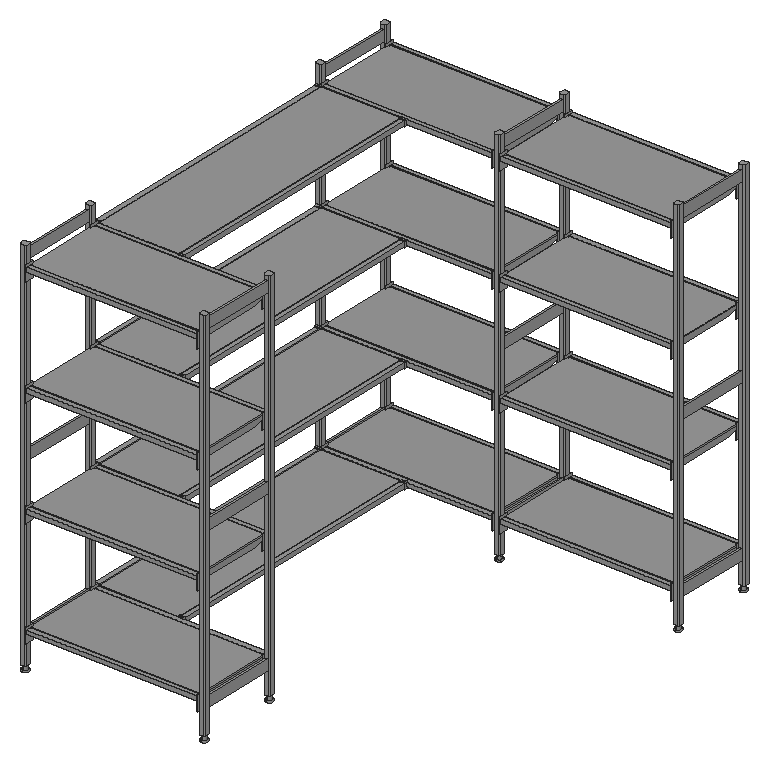
Revit family "QF_ELECTROLUXPROFESSIONAL_137092_CRS1620", category Attrezzature speciali, Revit 2020
Family settings
  Quota connettore circolare = Usa diametro
  Tipo di parte = Normale
  Basato su piano di lavoro = No
  Sempre verticale = Sì
  Taglio con vuoti quando caricato = No
  Condiviso = No
  Punto di calcolo locali = No
Parameters (values of type "Standard")
  Weight = 59.00 kg
  Watts = 0 W
  Volts = 0 V
  URL Manufacturer = "https://www.electroluxprofessional.com/"
  URL = "https://www.electroluxprofessional.com/"
  Steam Supply Size = 0 mm
  Steam Supply Minimum Pressure = 0.0 Pa
  Steam Supply Maximum Pressure = 0.0 Pa
  Steam Consumption per Hour = 0
  Refrigeration Suction Line Size = 0 mm
  Refrigeration Liquid Line Size = 0 mm
  Refrigerant Compressor Remote = yes
  Prospetto di default = 0 mm
  Produttore = "Electrolux Professional"
  Phase = 0
  Modello = "CRS1620"
  Length Actual = 708 mm  # constant formula
  Item Number = "137092"
  Hot Water Size = 0 mm
  Height Actual = 1550 mm  # constant formula
  HP = "0 HP"
  Gas Size = 0 mm
  Gas KW = 0
  Gas Input Pressure = 0 W
  Direct Waste Size = 0 mm
  Descrizione = "ALUM.SHELV.,POLY.TIERS-COLDROOM 163X203"
  Depth Actual = 373 mm  # constant formula
  Cycle = 0 Hz
  Condensate Return Size = 0 mm
  Compressed Air Volume = 0.0 L/s
  Compressed Air Size = 0 mm
  Compressed Air Pressure = 0.0 Pa
  Cold Water Size = 0 mm
  Accessory = yes
Reference planes
  plane 1 "Center (Front/Back)": y = 0
  plane 2: z = 0
  plane 3 "Center (Left/Right)": x = 0
  plane 4: x = -815
  plane 5: y = 1015
  plane 6: y = -1015
  plane 7: x = 815
  plane 8: x = -758
  plane 9: x = 758
  plane 10: y = 953
  plane 11: y = -953
Forms (mm)
  Extrusion 1, solid, material "QF_Clearances", detail levels coarse
    sketch origin (0, 0, 0) x (1, 0, 0) y (0, 1, 0)
      loop
        line (-815, -1015) -> (815, -1015) -> (815, 1015) -> (-815, 1015) -> (-815, -1015)
      loop
        line (758, -953) -> (758, 953) -> (-758, 953) -> (-758, -953) -> (758, -953)
    from 0 to 1590
Lines and regions (mm)
  symbolic lines, style "QF_Clearances"
    curve 1: line (-815, 1015, 0) -> (-815, -1015, 0)
    curve 2: line (815, 1015, 0) -> (-815, 1015, 0)
    curve 3: line (815, -1015, 0) -> (815, 1015, 0)
Dimensions and locks
  equal spacing: plane 5, plane 1 "Center (Front/Back)", plane 6
  plane 5 to plane 6 = 2030 mm
  equal spacing: plane 4, plane 3 "Center (Left/Right)", plane 7
  plane 4 to plane 7 = 1630 mm
  plane 4 to plane 8 = 57 mm
  plane 8 to plane 9 = 1516 mm
  plane 11 to plane 6 = 62 mm
  plane 10 to plane 11 = 1906 mm
  aligned and locked: level to plane 2
  aligned and locked: plane 4 to Extrusion 1 sketch curve
  aligned and locked: Extrusion 1 sketch curve to plane 5
  aligned and locked: Extrusion 1 sketch curve to plane 7
  aligned and locked: Extrusion 1 sketch curve to plane 8
  aligned and locked: plane 10 to Extrusion 1 sketch curve
  aligned and locked: plane 9 to Extrusion 1 sketch curve
  aligned and locked: Extrusion 1 sketch curve to plane 11
  aligned and locked: Extrusion 1 sketch curve to plane 6
Automatic sketch dimensions
  curve 1 to plane 4 = 0 mm
  curve 2 to plane 5 = 0 mm
  curve 2 to plane 7 = 0 mm
  curve 1 to plane 6 = 0 mm
  curve 3 to plane 6 = 0 mm
Nested families
  nested 1: "QF_708" at (-341, -603, 0), type "QF_708"
  nested 2: "QF_708" at (403, 930, 0), type "QF_708"
  nested 3: "QF_708" at (-341, 930, 0), type "QF_708"
  nested 4: "QF_1152G2" at (-527.5, -58.5, 0), type "QF_1152G2"
Definition of nested family "QF_708"
  Parameters
    Default Elevation = 0 mm
    Model = "137010"
    Manufacturer = "Electrolux Professional"
    Description = ""
  Reference planes
    plane 1: z = 0
    plane 2 "Center (Left/Right)": x = -31
    plane 3 "LEFT": x = -417
    plane 4 "RIGHT": x = 355
    plane 5 "BACK": y = 23
    plane 6 "FRONT": y = -350
    plane 7 "TOP": z = 1700
    plane 8: x = 350
    plane 9: x = -385
    plane 10: x = 323
    plane 11 "Center (Front/Back)": y = -163.5
    plane 12: x = 318
    plane 13: y = -8.5
    plane 14: y = -318.5
    plane 15 "FEET": z = 25
    plane 16: z = 140
    plane 17: z = 590
    plane 18: z = 1040
    plane 19: z = 1490
    plane 20 "CXLeft": x = -403
    plane 21 "CXRight": x = 341
    plane 22: y = 5.5
    plane 23 "CYBack": y = 5.5
    plane 24 "CYFront": y = -332.5
  Forms (mm)
    Extrusion 1, solid
      sketch origin (-417, 0, 0) x (0, 1, 0) y (0, 0, 1)
        loop
          line (4, 1515.994) -> (4, 1497.998) -> (23, 1497.998) -> (23, 1515.994) -> (4, 1515.994)
        loop
          line (-331, 1515.994) -> (-350, 1515.994) -> (-350, 1497.998) -> (-331, 1497.998) -> (-331, 1515.994)
        loop
          line (4, 1065.994) -> (4, 1047.998) -> (23, 1047.998) -> (23, 1065.994) -> (4, 1065.994)
        loop
          line (-331, 1065.994) -> (-350, 1065.994) -> (-350, 1047.998) -> (-331, 1047.998) -> (-331, 1065.994)
        loop
          line (4, 615.994) -> (4, 597.998) -> (23, 597.998) -> (23, 615.994) -> (4, 615.994)
        loop
          line (-331, 615.994) -> (-350, 615.994) -> (-350, 597.998) -> (-331, 597.998) -> (-331, 615.994)
        loop
          line (4, 165.994) -> (4, 147.998) -> (23, 147.998) -> (23, 165.994) -> (4, 165.994)
        loop
          line (-331, 165.994) -> (-350, 165.994) -> (-350, 147.998) -> (-331, 147.998) -> (-331, 165.994)
      from 32 to 740
    Extrusion 2, solid
      sketch origin (-417, 0, 135) x (0, 1, 0) y (0, 0, 1)
        loop
          line (2.007, 1380.994) -> (-329, 1380.994) -> (-329, 1374.496) -> (2.007, 1374.496) -> (2.007, 1380.994)
        loop
          line (2.007, 930.994) -> (-329, 930.994) -> (-329, 924.496) -> (2.007, 924.496) -> (2.007, 930.994)
        loop
          line (2.007, 480.994) -> (-329, 480.994) -> (-329, 474.496) -> (2.007, 474.496) -> (2.007, 480.994)
        loop
          line (2.007, 30.994) -> (-329, 30.994) -> (-329, 24.496) -> (2.007, 24.496) -> (2.007, 30.994)
      from 32 to 740
    Extrusion 3, solid
      sketch origin (355, 0, 135) x (0, 1, 0) y (0, 0, 1)
        loop
          line (-12, 1362.998) -> (4, 1362.998) -> (4, 1380.994) -> (2.007, 1380.994) -> (2.007, 1374.496) -> (-329, 1374.496) -> (-329, 1380.994) -> (-331, 1380.994) -> (-331, 1362.998) -> (-315, 1362.998) -> (-281, 1350.994) -> (-46, 1350.994) -> (-12, 1362.998)
        loop
          line (-12, 912.998) -> (4, 912.998) -> (4, 930.994) -> (2.007, 930.994) -> (2.007, 924.496) -> (-329, 924.496) -> (-329, 930.994) -> (-331, 930.994) -> (-331, 912.998) -> (-315, 912.998) -> (-281, 900.994) -> (-46, 900.994) -> (-12, 912.998)
        loop
          line (-12, 462.998) -> (4, 462.998) -> (4, 480.994) -> (2.007, 480.994) -> (2.007, 474.496) -> (-329, 474.496) -> (-329, 480.994) -> (-331, 480.994) -> (-331, 462.998) -> (-315, 462.998) -> (-281, 450.994) -> (-46, 450.994) -> (-12, 462.998)
        loop
          line (-12, 12.998) -> (4, 12.998) -> (4, 30.994) -> (2.007, 30.994) -> (2.007, 24.496) -> (-329, 24.496) -> (-329, 30.994) -> (-331, 30.994) -> (-331, 12.998) -> (-315, 12.998) -> (-281, 0.994) -> (-46, 0.994) -> (-12, 12.998)
      from -32 to -37
  Lines and regions (mm)
    symbolic lines
      curve 1: line (323, 4, 1700) -> (-385, 4, 1700)
      curve 2: line (-389, 23, 1700) -> (327, 23, 1700)
      curve 3: line (327, 13.246, 1700) -> (333.254, 19.5, 1700)
      curve 4: line (333.254, -8.5, 1700) -> (327, -2.246, 1700)
      curve 5: line (333.254, -318.5, 1700) -> (327, -324.754, 1700)
      curve 6: line (-389, -350, 1700) -> (327, -350, 1700)
      curve 7: line (327, 23, 1700) -> (327, -12.993, 1700)
      curve 8: line (327, -12.993, 1700) -> (323, -12.993, 1700)
      curve 9: line (327, -350, 1700) -> (327, -314.007, 1700)
      curve 10: line (327, -314.007, 1700) -> (323, -314.007, 1700)
      curve 11: line (-385, -12.993, 1700) -> (-385, -314.007, 1700)
      curve 12: line (-385, -331, 1700) -> (323, -331, 1700)
      curve 13: line (323, -12.993, 1700) -> (323, -314.007, 1700)
  Dimensions and locks
    locked: plane 3 "LEFT" to plane 4 "RIGHT" at 772
    equal spacing: plane 3 "LEFT", plane 2 "Center (Left/Right)", plane 4 "RIGHT"
    locked: plane 7 "TOP" to level at 1700
    locked: plane 5 "BACK" to plane 6 "FRONT" at 373
    locked: plane 4 "RIGHT" to plane 8 at 5
    locked: plane 9 to plane 10 at 708
    locked: plane 3 "LEFT" to plane 9 at 32
    plane 12 to plane 10 = 5 mm
    locked: plane 13 to plane 14 at 310
    equal spacing: plane 13, plane 11 "Center (Front/Back)", plane 14
    equal spacing: plane 5 "BACK", plane 11 "Center (Front/Back)", plane 6 "FRONT"
    plane 15 "FEET" to level = 25 mm
    plane 7 "TOP" to plane 15 "FEET" = 1675 mm
    plane 17 to plane 16 = 450 mm
    plane 18 to plane 17 = 450 mm
    plane 19 to plane 18 = 450 mm
    locked: plane 3 "LEFT" to plane 20 "CXLeft" at 14
    locked: plane 21 "CXRight" to plane 4 "RIGHT" at 14
    locked: plane 5 "BACK" to plane 23 "CYBack" at 17.5
    locked: plane 24 "CYFront" to plane 6 "FRONT" at 17.5
    plane 16 to level = 140 mm
    plane 17 to level = 590 mm
    plane 18 to level = 1040 mm
    plane 19 to level = 1490 mm
    aligned and locked: level to plane 1
    aligned and locked: plane 9 to Extrusion 2
    aligned and locked: Extrusion 2 to plane 10
    aligned and locked: plane 9 to Extrusion 1
    aligned and locked: Extrusion 1 to plane 10
    aligned and locked: Extrusion 1 sketch curve to Extrusion 1 sketch curve  (x2)
    aligned and locked: Extrusion 3 sketch curve to Extrusion 3 sketch curve  (x3)
    aligned and locked: Extrusion 3 to plane 12
    aligned and locked: Extrusion 3 to plane 10
    aligned and locked: plane 20 "CXLeft" to nested 1
    aligned and locked: plane 21 "CXRight" to nested 2
  Automatic sketch dimensions
    Extrusion 1 sketch curve to plane 6 "FRONT" = 0 mm  (x4)
    Extrusion 1 sketch curve to plane 5 "BACK" = 0 mm  (x4)
    plane 24 "CYFront" to Extrusion 1 sketch curve = 1.5 mm  (x2)
    plane 22 to Extrusion 1 sketch curve = 1.5 mm  (x4)
    plane 16 to Extrusion 1 sketch curve = 7.998 mm  (x2)
    Extrusion 1 sketch curve to Extrusion 1 sketch curve = 17.997 mm  (x8)
    plane 17 to Extrusion 1 sketch curve = 7.998 mm  (x2)
    plane 18 to Extrusion 1 sketch curve = 7.998 mm  (x2)
    plane 19 to Extrusion 1 sketch curve = 7.998 mm  (x2)
    plane 24 "CYFront" to Extrusion 2 sketch curve = 3.5 mm  (x4)
    plane 22 to Extrusion 2 sketch curve = 3.493 mm  (x4)
    plane 16 to Extrusion 2 sketch curve = 19.496 mm
    Extrusion 2 sketch curve to Extrusion 2 sketch curve = 6.499 mm  (x4)
    plane 17 to Extrusion 2 sketch curve = 19.496 mm
    plane 18 to Extrusion 2 sketch curve = 19.496 mm
    plane 19 to Extrusion 2 sketch curve = 19.496 mm
    plane 24 "CYFront" to Extrusion 3 sketch curve = 1.5 mm  (x4)
    Extrusion 3 sketch curve to Extrusion 3 sketch curve = 2 mm
    plane 14 to Extrusion 3 sketch curve = 3.5 mm  (x4)
    Extrusion 3 sketch curve to plane 16 = 4.006 mm
    Extrusion 3 sketch curve to Extrusion 3 sketch curve = 34 mm  (x4)
    Extrusion 3 sketch curve to plane 17 = 4.006 mm
    Extrusion 3 sketch curve to plane 18 = 4.006 mm
    Extrusion 3 sketch curve to plane 19 = 4.006 mm
    Extrusion 3 sketch curve to plane 13 = 37.5 mm  (x4)
    Extrusion 3 sketch curve to plane 13 = 3.5 mm  (x4)
    plane 22 to Extrusion 3 sketch curve = 3.493 mm  (x4)
    plane 22 to Extrusion 3 sketch curve = 1.5 mm  (x4)
    plane 16 to Extrusion 3 sketch curve = 7.998 mm  (x2)
    Extrusion 3 sketch curve to Extrusion 3 sketch curve = 11.498 mm  (x4)
    Extrusion 3 sketch curve to Extrusion 3 sketch curve = 6.499 mm  (x8)
    plane 17 to Extrusion 3 sketch curve = 7.998 mm  (x2)
    plane 18 to Extrusion 3 sketch curve = 7.998 mm  (x2)
    plane 19 to Extrusion 3 sketch curve = 7.998 mm  (x2)
    curve 6 to plane 6 "FRONT" = 0 mm
    curve 12 to plane 9 = 0 mm
    curve 12 to plane 10 = 0 mm
    curve 5 to plane 14 = 0 mm
    curve 11 to plane 9 = 0 mm
    curve 8 to plane 10 = 0 mm
    curve 4 to plane 13 = 0 mm
    curve 1 to plane 9 = 0 mm
    curve 1 to plane 10 = 0 mm
    curve 2 to plane 5 "BACK" = 0 mm
    plane 14 to curve 10 = 4.493 mm
    curve 7 to plane 13 = 4.493 mm
    curve 10 to plane 10 = 4 mm
    curve 7 to plane 10 = 4 mm
    plane 24 "CYFront" to curve 12 = 1.5 mm
    curve 5 to plane 14 = 6.254 mm
    plane 14 to curve 11 = 4.493 mm
    curve 11 to plane 13 = 4.493 mm
    plane 13 to curve 4 = 6.254 mm
    plane 22 to curve 1 = 1.5 mm
    curve 3 to plane 22 = 7.746 mm
    curve 3 to plane 5 "BACK" = 3.5 mm
    curve 5 to curve 9 = 6.254 mm
    curve 3 to curve 2 = 6.254 mm
    curve 4 to curve 7 = 6.254 mm
    plane 9 to curve 2 = 4 mm
    plane 9 to curve 6 = 4 mm
  Nested families
    nested 1: "WT_Anta373B" at (0, 0, 0), type "WT_Anta373B"
    nested 2: "WT_Anta373B" at (-62, 0, 0) x (-1, 0, 0) z (0, 0, 1), type "WT_Anta373B"
  Definition of nested family "WT_Anta373B"
    Parameters
      WidthLeft = A + 64 mm  # 772 mm
      Width = 1606 mm
      Right = WidthLeft / 2  # 386 mm
      Default Elevation = 0 mm
      Left = -WidthLeft / 2  # -386 mm
      Height = 1590 mm
      FEET = 25 mm
      E = 0 mm
      Dint = Depth - 63 mm  # 310 mm
      Dext = Depth - 8 mm  # 365 mm
      Depth = 373 mm
      DX = (WidthLeft - A) / 2  # 32 mm
      B = 798 mm
      A = 708 mm
    Reference planes
      plane 1: z = 0
      plane 2 "LEFT": x = -417
      plane 3 "BACK": y = 23
      plane 4 "FRONT": y = -350
      plane 5 "TOP": z = 1590
      plane 6 "Center (Front/Back)": y = -163.5
      plane 7: y = -8.5
      plane 8: y = -318.5
      plane 9 "FEET": z = 25
      plane 10: z = 140
      plane 11: z = 590
      plane 12: z = 1040
      plane 13: z = 1490
      plane 14 "CXLeft": x = -403
      plane 15: y = 5.5
      plane 16 "CYBack": y = 5.5
      plane 17 "CYFront": y = -332.5
      plane 18: x = -385.031
      plane 19: x = -380.031
    Forms (mm)
      Extrusion 1, solid
        sketch origin (0, 0, 0) x (1, 0, 0) y (0, 1, 0)
          loop
            line (-417, 13.246) -> (-417, -2.246) -> (-410.746, -8.5) -> (-395.254, -8.5) -> (-389, -2.246) -> (-389, 13.246) -> (-395.254, 19.5) -> (-410.746, 19.5) -> (-417, 13.246)
        from 1590 to 25
      Extrusion 2, solid
        sketch origin (-417, 0, 0) x (0, 1, 0) y (0, 0, 1)
          loop
            line (23, 111.005) -> (23, 172.993) -> (-12.993, 172.993) -> (-12.993, 111.005) -> (23, 111.005)
          loop
            line (-350, 111.005) -> (-314.007, 111.005) -> (-314.007, 172.993) -> (-350, 172.993) -> (-350, 111.005)
          loop
            line (23, 561.005) -> (23, 622.993) -> (-12.993, 622.993) -> (-12.993, 561.005) -> (23, 561.005)
          loop
            line (-350, 561.005) -> (-314.007, 561.005) -> (-314.007, 622.993) -> (-350, 622.993) -> (-350, 561.005)
          loop
            line (23, 1011.005) -> (23, 1072.993) -> (-12.993, 1072.993) -> (-12.993, 1011.005) -> (23, 1011.005)
          loop
            line (-350, 1011.005) -> (-314.007, 1011.005) -> (-314.007, 1072.993) -> (-350, 1072.993) -> (-350, 1011.005)
          loop
            line (23, 1461.005) -> (23, 1522.993) -> (-12.993, 1522.993) -> (-12.993, 1461.005) -> (23, 1461.005)
          loop
            line (-350, 1461.005) -> (-314.007, 1461.005) -> (-314.007, 1522.993) -> (-350, 1522.993) -> (-350, 1461.005)
        from 28 to 32
      Revolve 3, solid
        sketch origin (-403, 0, 0) x (0, 1, 0) y (0, 0, 1)
          loop
            line (5.5, 25) -> (5.5, 0) -> (19, 0) -> (19, 5) -> (14, 5) -> (14, 25) -> (5.5, 25)
          axis (5.5, 25) -> (5.5, 0)
        angle from 0 to 360
      Extrusion 4, solid
        sketch origin (-403, 0, 0) x (0, 1, 0) y (0, 0, 1)
          loop
            line (-8.5, 777.382) -> (-8.5, 822.374) -> (-318.5, 822.374) -> (-318.5, 777.382) -> (-8.5, 777.382)
          loop
            line (-8.5, 1527.244) -> (-8.5, 1572.236) -> (-318.5, 1572.236) -> (-318.5, 1527.244) -> (-8.5, 1527.244)
        from -5 to 5
      Revolve 5, solid
        sketch origin (-403, -627, 0) x (0, -1, 0) y (0, 0, 1)
          loop
            line (-294.5, 25) -> (-294.5, 0) -> (-281, 0) -> (-281, 5) -> (-286, 5) -> (-286, 25) -> (-294.5, 25)
          axis (-294.5, 25) -> (-294.5, 0)
        angle from 0 to 360
      Extrusion 6, solid
        sketch origin (0, -627, 0) x (1, 0, 0) y (0, 1, 0)
          loop
            line (-417, 286.754) -> (-410.746, 280.5) -> (-395.254, 280.5) -> (-389, 286.754) -> (-389, 302.246) -> (-395.254, 308.5) -> (-410.746, 308.5) -> (-417, 302.246) -> (-417, 286.754)
        from 1590 to 25
      Extrusion 7, solid
        sketch origin (-417.031, -0.022, 0) x (0, 1, 0) y (0, 0, -1)
          loop
            line (-12, -1497.998) -> (-46, -1485.994) -> (-281, -1485.994) -> (-315, -1497.998) -> (-331, -1497.998) -> (-331, -1515.994) -> (-329, -1515.994) -> (-329, -1509.496) -> (2.007, -1509.496) -> (2.007, -1515.994) -> (4, -1515.994) -> (4, -1497.998) -> (-12, -1497.998)
          loop
            line (-12, -1047.998) -> (-46, -1035.994) -> (-281, -1035.994) -> (-315, -1047.998) -> (-331, -1047.998) -> (-331, -1065.994) -> (-329, -1065.994) -> (-329, -1059.496) -> (2.007, -1059.496) -> (2.007, -1065.994) -> (4, -1065.994) -> (4, -1047.998) -> (-12, -1047.998)
          loop
            line (-12, -597.998) -> (-46, -585.994) -> (-281, -585.994) -> (-315, -597.998) -> (-331, -597.998) -> (-331, -615.994) -> (-329, -615.994) -> (-329, -609.496) -> (2.007, -609.496) -> (2.007, -615.994) -> (4, -615.994) -> (4, -597.998) -> (-12, -597.998)
          loop
            line (-12, -147.998) -> (-46, -135.994) -> (-281, -135.994) -> (-315, -147.998) -> (-331, -147.998) -> (-331, -165.994) -> (-329, -165.994) -> (-329, -159.496) -> (2.007, -159.496) -> (2.007, -165.994) -> (4, -165.994) -> (4, -147.998) -> (-12, -147.998)
        from -32 to -37
      Extrusion 8, solid
        sketch origin (-403, 0, -659.878) x (0, 1, 0) y (0, 0, 1)
          loop
            line (-8.5, 777.382) -> (-8.5, 822.374) -> (-318.5, 822.374) -> (-318.5, 777.382) -> (-8.5, 777.382)
          loop
            line (-8.5, 1437.382) -> (-8.5, 1482.374) -> (-318.5, 1482.374) -> (-318.5, 1437.382) -> (-8.5, 1437.382)
          loop
            line (-8.5, 2187.382) -> (-8.5, 2232.374) -> (-318.5, 2232.374) -> (-318.5, 2187.382) -> (-8.5, 2187.382)
        from -5 to 5
    Lines and regions (mm)
      symbolic lines
        curve 1: line (-408, -8.5, 1590) -> (-408, -318.5, 1590)
        curve 2: line (-398, -318.5, 1590) -> (-398, -8.5, 1590)
        curve 3: line (-395.254, -8.5, 1590) -> (-410.746, -8.5, 1590)
        curve 4: line (-417, -2.246, 1590) -> (-410.746, -8.5, 1590)
        curve 5: line (-417, 13.246, 1590) -> (-417, -2.246, 1590)
        curve 6: line (-410.746, 19.5, 1590) -> (-417, 13.246, 1590)
        curve 7: line (-395.254, 19.5, 1590) -> (-410.746, 19.5, 1590)
        curve 8: line (-389, 13.246, 1590) -> (-395.254, 19.5, 1590)
        curve 9: line (-395.254, -8.5, 1590) -> (-389, -2.246, 1590)
        curve 10: line (-395.254, -318.5, 1590) -> (-410.746, -318.5, 1590)
        curve 11: line (-417, -324.754, 1590) -> (-410.746, -318.5, 1590)
        curve 12: line (-410.746, -346.5, 1590) -> (-417, -340.246, 1590)
        curve 13: line (-395.254, -346.5, 1590) -> (-410.746, -346.5, 1590)
        curve 14: line (-389, -340.246, 1590) -> (-395.254, -346.5, 1590)
        curve 15: line (-395.254, -318.5, 1590) -> (-389, -324.754, 1590)
        curve 16: line (-389, -350, 1590) -> (-389, -314.007, 1590)
        curve 17: line (-389, -314.007, 1590) -> (-385, -314.007, 1590)
        curve 18: line (-389, 23, 1590) -> (-389, -12.993, 1590)
        curve 19: line (-389, -12.993, 1590) -> (-385, -12.993, 1590)
        curve 20: line (-417, -324.754, 1590) -> (-417, -340.246, 1590)
        curve 21: line (-385, -350, 1590) -> (-385, -314.007, 1590)
        curve 22: line (-385, -350, 1590) -> (-389, -350, 1590)
        curve 23: line (-385, 23, 1590) -> (-389, 23, 1590)
        curve 24: line (-385, -12.993, 1590) -> (-385, 23, 1590)
        curve 25: line (-385.031, -13.016, 1725) -> (-385.031, -314.029, 1725)
    Dimensions and locks
      "Depth": plane 3 "BACK" to plane 4 "FRONT"
      "Dint": plane 7 to plane 8
      equal spacing: plane 7, plane 6 "Center (Front/Back)", plane 8
      equal spacing: plane 3 "BACK", plane 6 "Center (Front/Back)", plane 4 "FRONT"
      plane 9 "FEET" to level = 25 mm
      plane 10 to plane 9 "FEET" = 115 mm
      plane 11 to plane 10 = 450 mm
      plane 12 to plane 11 = 450 mm
      plane 13 to plane 12 = 450 mm
      locked: plane 2 "LEFT" to plane 14 "CXLeft" at 14
      locked: plane 3 "BACK" to plane 16 "CYBack" at 17.5
      locked: plane 17 "CYFront" to plane 4 "FRONT" at 17.5
      locked: Revolve 3 sketch curve to Revolve 3 sketch curve at 8.5
      locked: Revolve 3 sketch curve to plane 16 "CYBack" at 13.5
      locked: Revolve 5 sketch curve to Revolve 5 sketch curve at 8.5
      plane 10 to level = 140 mm
      plane 11 to level = 590 mm
      plane 12 to level = 1040 mm
      plane 13 to level = 1490 mm
      "Height": plane 5 "TOP" to level
      aligned and locked: level to plane 1
      aligned and locked: curve 20 to Extrusion 6
      aligned and locked: plane 5 "TOP" to Extrusion 1
      aligned and locked: plane 5 "TOP" to Extrusion 6
      aligned and locked: Extrusion 7 sketch curve to Extrusion 7 sketch curve  (x3)
    Automatic sketch dimensions
      curve 16 to plane 4 "FRONT" = 0 mm
      curve 11 to plane 8 = 0 mm
      curve 9 to plane 7 = 0 mm
      curve 5 to plane 2 "LEFT" = 0 mm
      curve 23 to plane 3 "BACK" = 0 mm
      plane 4 "FRONT" to curve 13 = 3.5 mm
      curve 20 to plane 17 "CYFront" = 7.746 mm
      curve 20 to plane 8 = 6.254 mm
      plane 8 to curve 16 = 4.493 mm
      curve 24 to plane 18 = 0.031 mm
      curve 24 to plane 7 = 4.493 mm
      plane 7 to curve 5 = 6.254 mm
      curve 5 to plane 15 = 7.746 mm
      curve 6 to plane 3 "BACK" = 3.5 mm
      curve 21 to plane 18 = 0.031 mm
      plane 18 to curve 23 = 3.969 mm
      plane 18 to curve 16 = 3.969 mm
      curve 18 to curve 8 = 6.254 mm
      curve 18 to curve 3 = 6.254 mm
      curve 16 to curve 13 = 6.254 mm
      curve 16 to curve 15 = 6.254 mm
      plane 2 "LEFT" to curve 10 = 6.254 mm
      plane 2 "LEFT" to curve 7 = 6.254 mm
      plane 2 "LEFT" to curve 12 = 6.254 mm
      plane 2 "LEFT" to curve 3 = 6.254 mm
      curve 14 to plane 17 "CYFront" = 7.746 mm
      curve 15 to plane 8 = 6.254 mm
      plane 7 to curve 9 = 6.254 mm
      curve 8 to plane 15 = 7.746 mm
      curve 3 to curve 2 = 2.746 mm
      curve 1 to curve 10 = 2.746 mm
      Extrusion 1 sketch curve to plane 2 "LEFT" = 0 mm
      Extrusion 1 sketch curve to plane 7 = 0 mm
      plane 2 "LEFT" to Extrusion 1 sketch curve = 6.254 mm  (x2)
      plane 14 "CXLeft" to Extrusion 1 sketch curve = 7.746 mm  (x2)
      Extrusion 1 sketch curve to plane 3 "BACK" = 3.5 mm
      plane 18 to Extrusion 1 sketch curve = 3.969 mm
      plane 7 to Extrusion 1 sketch curve = 6.254 mm  (x2)
      Extrusion 1 sketch curve to plane 15 = 7.746 mm  (x2)
      Extrusion 2 sketch curve to plane 4 "FRONT" = 0 mm  (x4)
      Extrusion 2 sketch curve to plane 3 "BACK" = 0 mm  (x4)
      plane 8 to Extrusion 2 sketch curve = 4.493 mm  (x4)
      Extrusion 2 sketch curve to plane 7 = 4.493 mm  (x4)
      Extrusion 2 sketch curve to plane 10 = 28.995 mm  (x2)
      plane 10 to Extrusion 2 sketch curve = 32.993 mm  (x2)
      Extrusion 2 sketch curve to plane 11 = 28.995 mm  (x2)
      plane 11 to Extrusion 2 sketch curve = 32.993 mm  (x2)
      Extrusion 2 sketch curve to plane 12 = 28.995 mm  (x2)
      plane 12 to Extrusion 2 sketch curve = 32.993 mm  (x2)
      Extrusion 2 sketch curve to plane 13 = 28.995 mm  (x2)
      plane 13 to Extrusion 2 sketch curve = 32.993 mm  (x2)
      Revolve 3 sketch curve to plane 9 "FEET" = 0 mm  (x2)
      Revolve 3 sketch curve to plane 15 = 0 mm  (x2)
      Revolve 3 sketch curve to level = 0 mm
      level to Revolve 3 sketch curve = 5 mm
      Revolve 3 sketch curve to Revolve 3 sketch curve = 11.655 mm
      Extrusion 4 sketch curve to plane 8 = 0 mm  (x2)
      Extrusion 4 sketch curve to plane 7 = 0 mm  (x2)
      plane 11 to Extrusion 4 sketch curve = 187.382 mm
      Extrusion 4 sketch curve to Extrusion 4 sketch curve = 44.992 mm
      plane 13 to Extrusion 4 sketch curve = 37.244 mm
      Extrusion 4 sketch curve to plane 5 "TOP" = 17.764 mm
      Revolve 5 sketch curve to plane 9 "FEET" = 0 mm  (x2)
      Revolve 5 sketch curve to plane 17 "CYFront" = 0 mm  (x2)
      Revolve 5 sketch curve to level = 0 mm
      Revolve 5 sketch curve to plane 4 "FRONT" = 4 mm
      Revolve 5 sketch curve to Revolve 5 sketch curve = 5 mm
      level to Revolve 5 sketch curve = 11.655 mm
      Extrusion 6 sketch curve to plane 2 "LEFT" = 0 mm
      Extrusion 6 sketch curve to plane 8 = 0 mm
      Extrusion 6 sketch curve to plane 2 "LEFT" = 6.254 mm  (x2)
      Extrusion 6 sketch curve to plane 14 "CXLeft" = 7.746 mm  (x2)
      Extrusion 6 sketch curve to plane 4 "FRONT" = 3.5 mm
      Extrusion 6 sketch curve to plane 18 = 3.969 mm
      plane 8 to Extrusion 6 sketch curve = 6.254 mm  (x2)
      plane 17 "CYFront" to Extrusion 6 sketch curve = 7.746 mm  (x2)
      plane 17 "CYFront" to Extrusion 7 sketch curve = 1.478 mm  (x4)
      Extrusion 7 sketch curve to Extrusion 7 sketch curve = 2 mm
      plane 8 to Extrusion 7 sketch curve = 3.478 mm  (x4)
      Extrusion 7 sketch curve to plane 10 = 4.006 mm
      Extrusion 7 sketch curve to Extrusion 7 sketch curve = 34 mm  (x4)
      Extrusion 7 sketch curve to plane 11 = 4.006 mm
      Extrusion 7 sketch curve to plane 12 = 4.006 mm
      Extrusion 7 sketch curve to plane 13 = 4.006 mm
      Extrusion 7 sketch curve to plane 7 = 37.522 mm  (x4)
      Extrusion 7 sketch curve to plane 7 = 3.522 mm  (x4)
      plane 15 to Extrusion 7 sketch curve = 3.516 mm  (x4)
      plane 15 to Extrusion 7 sketch curve = 1.522 mm  (x4)
      plane 13 to Extrusion 7 sketch curve = 7.998 mm  (x2)
      Extrusion 7 sketch curve to Extrusion 7 sketch curve = 11.498 mm
      Extrusion 7 sketch curve to Extrusion 7 sketch curve = 6.499 mm  (x5)
      plane 12 to Extrusion 7 sketch curve = 25.994 mm  (x2)
      plane 12 to Extrusion 7 sketch curve = 7.998 mm  (x2)
      plane 11 to Extrusion 7 sketch curve = 25.994 mm  (x2)
      plane 11 to Extrusion 7 sketch curve = 7.998 mm  (x2)
      plane 10 to Extrusion 7 sketch curve = 25.994 mm  (x2)
      plane 10 to Extrusion 7 sketch curve = 7.998 mm  (x2)
      curve 25 to plane 18 = 0 mm
      plane 8 to curve 25 = 4.471 mm
      curve 25 to plane 7 = 4.516 mm
      Extrusion 8 sketch curve to plane 8 = 0 mm  (x3)
      Extrusion 8 sketch curve to plane 7 = 0 mm  (x3)
      Extrusion 8 sketch curve to plane 10 = 22.496 mm
      plane 10 to Extrusion 8 sketch curve = 22.496 mm
      plane 11 to Extrusion 8 sketch curve = 187.504 mm
      Extrusion 8 sketch curve to Extrusion 8 sketch curve = 44.992 mm
      plane 13 to Extrusion 8 sketch curve = 37.504 mm
      Extrusion 8 sketch curve to plane 5 "TOP" = 17.504 mm
Definition of nested family "QF_1152G2"
  Parameters
    Default Elevation = 0 mm
    Model = "137035"
    Manufacturer = "Electrolux Professional"
    Description = ""
  Reference planes
    plane 1: z = 0
    plane 2 "Center (F/B)": y = -163.5
    plane 3 "Front": y = -549.5
    plane 4 "Left": x = -217.5
    plane 5 "Right": x = 155.5
    plane 6 "TOP": z = 1700
    plane 7: y = -517.5
    plane 8: y = 634.5
    plane 9 "Center (Left/Right)": x = -31
    plane 10: y = 629.5
    plane 11: x = -186
    plane 12: x = 124
    plane 13 "FEET": z = 25
    plane 14: z = 140
    plane 15: z = 590
    plane 16: z = 1040
    plane 17: z = 1490
    plane 18 "CXLeft": y = -535.5
    plane 19: x = -200
    plane 20 "CYBack": x = -200
    plane 21 "CYFront": x = 138
    plane 22 "Back": y = 638.5
    plane 23 "LEFT_ORIGIN": x = -251.5
    plane 24 "BACK_Origin": y = 1011.5
  Forms (mm)
    Extrusion 1, solid
      sketch origin (0, -549.5, 0) x (-1, 0, 0) y (0, 0, 1)
        loop
          line (198.5, 1515.994) -> (198.5, 1497.998) -> (217.5, 1497.998) -> (217.5, 1515.994) -> (198.5, 1515.994)
        loop
          line (-136.5, 1515.994) -> (-155.5, 1515.994) -> (-155.5, 1497.998) -> (-136.5, 1497.998) -> (-136.5, 1515.994)
        loop
          line (198.5, 1065.994) -> (198.5, 1047.998) -> (217.5, 1047.998) -> (217.5, 1065.994) -> (198.5, 1065.994)
        loop
          line (-136.5, 1065.994) -> (-155.5, 1065.994) -> (-155.5, 1047.998) -> (-136.5, 1047.998) -> (-136.5, 1065.994)
        loop
          line (198.5, 615.994) -> (198.5, 597.998) -> (217.5, 597.998) -> (217.5, 615.994) -> (198.5, 615.994)
        loop
          line (-136.5, 615.994) -> (-155.5, 615.994) -> (-155.5, 597.998) -> (-136.5, 597.998) -> (-136.5, 615.994)
        loop
          line (198.5, 165.994) -> (198.5, 147.998) -> (217.5, 147.998) -> (217.5, 165.994) -> (198.5, 165.994)
        loop
          line (-136.5, 165.994) -> (-155.5, 165.994) -> (-155.5, 147.998) -> (-136.5, 147.998) -> (-136.5, 165.994)
      from 32 to 1184
    Extrusion 2, solid
      sketch origin (0, -549.5, 0) x (-1, 0, 0) y (0, 0, 1)
        loop
          line (196.507, 1515.994) -> (-134.5, 1515.994) -> (-134.5, 1509.496) -> (196.507, 1509.496) -> (196.507, 1515.994)
        loop
          line (196.507, 1065.994) -> (-134.5, 1065.994) -> (-134.5, 1059.496) -> (196.507, 1059.496) -> (196.507, 1065.994)
        loop
          line (196.507, 615.994) -> (-134.5, 615.994) -> (-134.5, 609.496) -> (196.507, 609.496) -> (196.507, 615.994)
        loop
          line (196.507, 165.994) -> (-134.5, 165.994) -> (-134.5, 159.496) -> (196.507, 159.496) -> (196.507, 165.994)
      from 32 to 1184
  Lines and regions (mm)
    symbolic lines
      curve 1: line (-198.5, 634.5, 1700) -> (-198.5, -517.5, 1700)
      curve 2: line (-217.5, -521.5, 1700) -> (-217.5, 634.5, 1700)
      curve 3: line (155.5, -521.5, 1700) -> (155.5, 634.5, 1700)
      curve 4: line (-181.507, -517.5, 1700) -> (119.507, -517.5, 1700)
      curve 5: line (136.5, -517.5, 1700) -> (136.5, 634.5, 1700)
      curve 6: line (-198.5, 634.5, 1700) -> (136.5, 634.5, 1700)
  Dimensions and locks
    plane 3 "Front" to plane 2 "Center (F/B)" = 386 mm
    locked: plane 4 "Left" to plane 5 "Right" at 373
    locked: plane 7 to plane 8 at 1152
    locked: plane 3 "Front" to plane 7 at 32
    plane 10 to plane 8 = 5 mm
    locked: plane 11 to plane 12 at 310
    equal spacing: plane 11, plane 9 "Center (Left/Right)", plane 12
    equal spacing: plane 4 "Left", plane 9 "Center (Left/Right)", plane 5 "Right"
    locked: plane 3 "Front" to plane 18 "CXLeft" at 14
    locked: plane 3 "Front" to plane 22 "Back" at 1188
    plane 23 "LEFT_ORIGIN" to plane 5 "Right" = 407 mm
    locked: plane 22 "Back" to plane 24 "BACK_Origin" at 373
    plane 14 to level = 140 mm
    plane 15 to level = 590 mm
    plane 16 to level = 1040 mm
    locked: plane 6 "TOP" to level at 1700
    plane 17 to level = 1490 mm
    plane 13 "FEET" to level = 25 mm
    aligned and locked: level to plane 1
    aligned and locked: Extrusion 2 to plane 7
    aligned and locked: plane 8 to Extrusion 2
    aligned and locked: Extrusion 1 to plane 7
    aligned and locked: plane 8 to Extrusion 1
    aligned and locked: Extrusion 1 sketch curve to Extrusion 1 sketch curve  (x2)
    aligned and locked: nested 1 to plane 10
  Automatic sketch dimensions
    curve 2 to plane 4 "Left" = 0 mm
    curve 3 to plane 5 "Right" = 0 mm
    plane 7 to curve 1 = 0 mm
    plane 7 to curve 4 = 0 mm
    plane 7 to curve 5 = 0 mm
    plane 8 to curve 2 = 0 mm
    plane 8 to curve 1 = 0 mm
    plane 8 to curve 3 = 0 mm
    plane 21 "CYFront" to curve 5 = 1.5 mm
    plane 19 to curve 6 = 1.5 mm
    plane 7 to curve 3 = 4 mm
    plane 7 to curve 2 = 4 mm
    plane 12 to curve 4 = 4.493 mm
    curve 4 to plane 11 = 4.493 mm
    plane 5 "Right" to Extrusion 1 sketch curve = 0 mm  (x4)
    plane 4 "Left" to Extrusion 1 sketch curve = 0 mm  (x4)
    plane 21 "CYFront" to Extrusion 1 sketch curve = 1.5 mm  (x2)
    plane 19 to Extrusion 1 sketch curve = 1.5 mm  (x4)
    plane 14 to Extrusion 1 sketch curve = 7.998 mm  (x2)
    Extrusion 1 sketch curve to Extrusion 1 sketch curve = 17.997 mm  (x8)
    plane 15 to Extrusion 1 sketch curve = 7.998 mm  (x2)
    plane 16 to Extrusion 1 sketch curve = 7.998 mm  (x2)
    plane 17 to Extrusion 1 sketch curve = 7.998 mm  (x2)
    plane 21 "CYFront" to Extrusion 2 sketch curve = 3.5 mm  (x4)
    plane 19 to Extrusion 2 sketch curve = 3.493 mm  (x4)
    plane 14 to Extrusion 2 sketch curve = 19.496 mm
    Extrusion 2 sketch curve to Extrusion 2 sketch curve = 6.499 mm  (x4)
    plane 15 to Extrusion 2 sketch curve = 19.496 mm
    plane 16 to Extrusion 2 sketch curve = 19.496 mm
    plane 17 to Extrusion 2 sketch curve = 19.496 mm
  Nested families
    nested 1: "WT_Aggancio373B" at (-194.5, 1046.5, 0) x (0, 1, 0) z (0, 0, 1), type "WT_Aggancio373B"
    nested 2: "WT_Aggancio373B" at (-194.5, -929.5, 0) x (0, -1, 0) z (0, 0, 1), type "WT_Aggancio373B"
  Definition of nested family "WT_Aggancio373B"
    Parameters
      WidthLeft = A + 64 mm  # 772 mm
      Width = 1606 mm
      Right = WidthLeft / 2  # 386 mm
      Default Elevation = 0 mm
      Left = -WidthLeft / 2  # -386 mm
      Height = 1590 mm
      FEET = 25 mm
      E = 0 mm
      Dint = Depth - 63 mm  # 310 mm
      Dext = Depth - 8 mm  # 365 mm
      Depth = 373 mm
      DX = (WidthLeft - A) / 2  # 32 mm
      B = 798 mm
      A = 708 mm
    Reference planes
      plane 1: z = 0
      plane 2 "LEFT": x = -417
      plane 3 "BACK": y = 23
      plane 4 "FRONT": y = -350
      plane 5 "TOP": z = 1590
      plane 6 "Center (Front/Back)": y = -163.5
      plane 7: y = -8.5
      plane 8: y = -318.5
      plane 9 "FEET": z = 25
      plane 10: z = 140
      plane 11: z = 590
      plane 12: z = 1040
      plane 13: z = 1490
      plane 14: y = 5.5
      plane 15 "CYBack": y = 5.5
      plane 16 "CYFront": y = -332.5
    Forms (mm)
      Extrusion 1, solid
        sketch origin (-380, -0.022, 0) x (0, 1, 0) y (0, 0, 1)
          loop
            line (-12, 1497.998) -> (4, 1497.998) -> (4, 1515.994) -> (2.007, 1515.994) -> (2.007, 1509.496) -> (-329, 1509.496) -> (-329, 1515.994) -> (-331, 1515.994) -> (-331, 1497.998) -> (-315, 1497.998) -> (-281, 1485.994) -> (-46, 1485.994) -> (-12, 1497.998)
          loop
            line (-12, 1047.998) -> (4, 1047.998) -> (4, 1065.994) -> (2.007, 1065.994) -> (2.007, 1059.496) -> (-329, 1059.496) -> (-329, 1065.994) -> (-331, 1065.994) -> (-331, 1047.998) -> (-315, 1047.998) -> (-281, 1035.994) -> (-46, 1035.994) -> (-12, 1047.998)
          loop
            line (-12, 597.998) -> (4, 597.998) -> (4, 615.994) -> (2.007, 615.994) -> (2.007, 609.496) -> (-329, 609.496) -> (-329, 615.994) -> (-331, 615.994) -> (-331, 597.998) -> (-315, 597.998) -> (-281, 585.994) -> (-46, 585.994) -> (-12, 597.998)
          loop
            line (-12, 147.998) -> (4, 147.998) -> (4, 165.994) -> (2.007, 165.994) -> (2.007, 159.496) -> (-329, 159.496) -> (-329, 165.994) -> (-331, 165.994) -> (-331, 147.998) -> (-315, 147.998) -> (-281, 135.994) -> (-46, 135.994) -> (-12, 147.998)
        from -32 to -37
      Extrusion 2, solid
        sketch origin (-793.062, -324.754, 6.5) x (1, 0, 0) y (0, 0, 1)
          loop
            line (385.062, 1509.496) -> (385.062, 1512.496) -> (376.062, 1512.496) -> (376.062, 1485.994) -> (390.031, 1485.994) -> (390.031, 1491.496) -> (381.062, 1491.496) -> (381.062, 1509.496) -> (385.062, 1509.496)
          loop
            line (385.062, 1059.496) -> (385.062, 1062.496) -> (376.062, 1062.496) -> (376.062, 1035.994) -> (390.031, 1035.994) -> (390.031, 1041.496) -> (381.062, 1041.496) -> (381.062, 1059.496) -> (385.062, 1059.496)
          loop
            line (385.062, 609.496) -> (385.062, 612.496) -> (376.062, 612.496) -> (376.062, 585.994) -> (390.031, 585.994) -> (390.031, 591.496) -> (381.062, 591.496) -> (381.062, 609.496) -> (385.062, 609.496)
          loop
            line (385.062, 159.496) -> (385.062, 162.496) -> (376.062, 162.496) -> (376.062, 135.994) -> (390.031, 135.994) -> (390.031, 141.496) -> (381.062, 141.496) -> (381.062, 159.496) -> (385.062, 159.496)
        from 6.268 to 25.246
      Extrusion 3, solid
        sketch origin (-793.062, 32.754, 6.5) x (1, 0, 0) y (0, 0, 1)
          loop
            line (385.062, 1509.496) -> (385.062, 1512.496) -> (376.062, 1512.496) -> (376.062, 1485.994) -> (390.031, 1485.994) -> (390.031, 1491.496) -> (381.062, 1491.496) -> (381.062, 1509.496) -> (385.062, 1509.496)
          loop
            line (385.062, 1059.496) -> (385.062, 1062.496) -> (376.062, 1062.496) -> (376.062, 1035.994) -> (390.031, 1035.994) -> (390.031, 1041.496) -> (381.062, 1041.496) -> (381.062, 1059.496) -> (385.062, 1059.496)
          loop
            line (385.062, 609.496) -> (385.062, 612.496) -> (376.062, 612.496) -> (376.062, 585.994) -> (390.031, 585.994) -> (390.031, 591.496) -> (381.062, 591.496) -> (381.062, 609.496) -> (385.062, 609.496)
          loop
            line (385.062, 159.496) -> (385.062, 162.496) -> (376.062, 162.496) -> (376.062, 135.994) -> (390.031, 135.994) -> (390.031, 141.496) -> (381.062, 141.496) -> (381.062, 159.496) -> (385.062, 159.496)
        from 9.754 to 28.776
    Lines and regions (mm)
      symbolic lines
        curve 1: line (-412, -350, 0) -> (-408, -350, 0)
        curve 2: line (-412, -331.022, 0) -> (-412, -350, 0)
        curve 3: line (-408, -331.022, 0) -> (-412, -331.022, 0)
        curve 4: line (-408, -350, 0) -> (-408, -331.022, 0)
        curve 5: line (-412, 3.978, 0) -> (-408, 3.978, 0)
        curve 6: line (-412, 23, 0) -> (-412, 3.978, 0)
        curve 7: line (-408, 23, 0) -> (-412, 23, 0)
        curve 8: line (-408, 3.978, 0) -> (-408, 23, 0)
    Dimensions and locks
      "Height": plane 5 "TOP" to level
      "Depth": plane 3 "BACK" to plane 4 "FRONT"
      "Dint": plane 7 to plane 8
      equal spacing: plane 7, plane 6 "Center (Front/Back)", plane 8
      equal spacing: plane 3 "BACK", plane 6 "Center (Front/Back)", plane 4 "FRONT"
      plane 9 "FEET" to level = 25 mm
      plane 10 to plane 9 "FEET" = 115 mm
      locked: plane 11 to plane 10 at 450
      locked: plane 12 to plane 11 at 450
      locked: plane 13 to plane 12 at 450
      locked: plane 3 "BACK" to plane 15 "CYBack" at 17.5
      locked: plane 16 "CYFront" to plane 4 "FRONT" at 17.5
      aligned and locked: level to plane 1
      aligned and locked: Extrusion 1 sketch curve to Extrusion 1 sketch curve  (x3)
    Automatic sketch dimensions
      plane 16 "CYFront" to Extrusion 1 sketch curve = 1.478 mm  (x4)
      Extrusion 1 sketch curve to Extrusion 1 sketch curve = 2 mm
      plane 8 to Extrusion 1 sketch curve = 3.478 mm  (x4)
      Extrusion 1 sketch curve to plane 10 = 4.006 mm
      Extrusion 1 sketch curve to Extrusion 1 sketch curve = 34 mm  (x4)
      Extrusion 1 sketch curve to plane 11 = 4.006 mm
      Extrusion 1 sketch curve to plane 12 = 4.006 mm
      Extrusion 1 sketch curve to plane 13 = 4.006 mm
      Extrusion 1 sketch curve to plane 7 = 37.522 mm  (x4)
      Extrusion 1 sketch curve to plane 7 = 3.522 mm  (x4)
      plane 14 to Extrusion 1 sketch curve = 3.516 mm  (x4)
      plane 14 to Extrusion 1 sketch curve = 1.522 mm  (x4)
      plane 10 to Extrusion 1 sketch curve = 7.998 mm  (x2)
      Extrusion 1 sketch curve to Extrusion 1 sketch curve = 11.498 mm  (x4)
      Extrusion 1 sketch curve to Extrusion 1 sketch curve = 6.499 mm  (x8)
      plane 11 to Extrusion 1 sketch curve = 7.998 mm  (x2)
      plane 12 to Extrusion 1 sketch curve = 7.998 mm  (x2)
      plane 13 to Extrusion 1 sketch curve = 7.998 mm  (x2)
      plane 2 "LEFT" to Extrusion 2 sketch curve = 0 mm  (x4)
      plane 13 to Extrusion 2 sketch curve = 7.996 mm
      plane 11 to Extrusion 2 sketch curve = 7.996 mm
      Extrusion 2 sketch curve to Extrusion 2 sketch curve = 5 mm  (x4)
      plane 11 to Extrusion 2 sketch curve = 2.494 mm
      plane 10 to Extrusion 2 sketch curve = 28.996 mm
      Extrusion 2 sketch curve to Extrusion 2 sketch curve = 3 mm  (x4)
      plane 10 to Extrusion 2 sketch curve = 7.996 mm
      plane 10 to Extrusion 2 sketch curve = 2.494 mm
      Extrusion 2 sketch curve to Extrusion 2 sketch curve = 18 mm  (x3)
      plane 12 to Extrusion 2 sketch curve = 2.494 mm
      plane 12 to Extrusion 2 sketch curve = 7.996 mm
      plane 13 to Extrusion 2 sketch curve = 2.494 mm
      plane 2 "LEFT" to Extrusion 3 sketch curve = 0 mm  (x4)
      plane 13 to Extrusion 3 sketch curve = 7.996 mm
      plane 11 to Extrusion 3 sketch curve = 7.996 mm
      Extrusion 3 sketch curve to Extrusion 3 sketch curve = 5 mm  (x4)
      plane 11 to Extrusion 3 sketch curve = 2.494 mm
      plane 10 to Extrusion 3 sketch curve = 28.996 mm
      Extrusion 3 sketch curve to Extrusion 3 sketch curve = 3 mm  (x4)
      plane 10 to Extrusion 3 sketch curve = 7.996 mm
      plane 10 to Extrusion 3 sketch curve = 2.494 mm
      Extrusion 3 sketch curve to Extrusion 3 sketch curve = 18 mm  (x3)
      plane 12 to Extrusion 3 sketch curve = 2.494 mm
      plane 12 to Extrusion 3 sketch curve = 7.996 mm
      plane 13 to Extrusion 3 sketch curve = 2.494 mm
      plane 2 "LEFT" to curve 1 = 5 mm
      plane 2 "LEFT" to curve 7 = 5 mm
      curve 1 to plane 16 "CYFront" = 17.5 mm
      curve 3 to plane 8 = 12.522 mm
      plane 7 to curve 5 = 12.478 mm
      curve 7 to plane 14 = 17.5 mm
      curve 5 to curve 5 = 4 mm
      curve 1 to curve 4 = 4 mm
      Extrusion 2 sketch curve to Extrusion 2 sketch curve = 4 mm  (x4)
      Extrusion 2 sketch curve to Extrusion 2 sketch curve = 8.969 mm  (x4)
      Extrusion 3 sketch curve to Extrusion 3 sketch curve = 4 mm  (x4)
      Extrusion 3 sketch curve to Extrusion 3 sketch curve = 8.969 mm  (x4)
